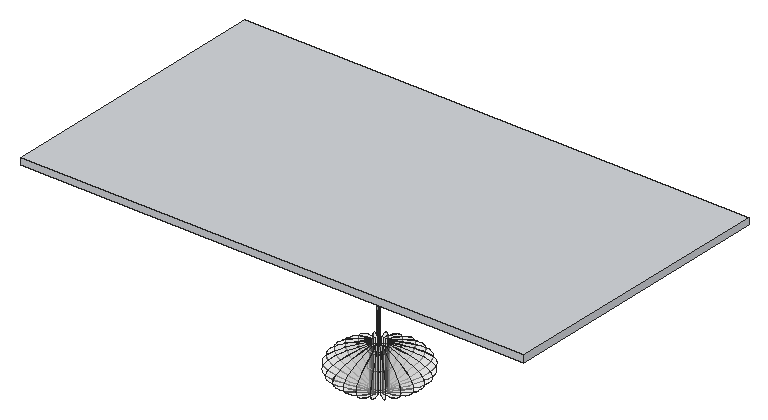
Revit family "Contour - Roundover Large", category Lighting Fixtures, host Face, Revit 2014 (continued)
Automatic sketch dimensions
  Extrusion 45 sketch curve to Extrusion 45 sketch curve = 2.50827"
  Extrusion 45 sketch curve to Extrusion 45 sketch curve = 2.89456"
  Extrusion 45 sketch curve to Extrusion 45 sketch curve = 1.14633"
  Extrusion 45 sketch curve to Extrusion 45 sketch curve = 1.74919"
  Extrusion 45 sketch curve to Extrusion 45 sketch curve = 1.33646"
  Extrusion 45 sketch curve to Extrusion 45 sketch curve = 0.4308"
  Extrusion 46 sketch curve to Extrusion 46 sketch curve = 2.89947"
  Extrusion 46 sketch curve to Extrusion 46 sketch curve = 1.7032"
  Extrusion 46 sketch curve to Extrusion 46 sketch curve = 3.66121"
  Extrusion 46 sketch curve to Extrusion 46 sketch curve = 1.73894"
  Extrusion 46 sketch curve to Extrusion 46 sketch curve = 0.09832"
  Extrusion 46 sketch curve to Extrusion 46 sketch curve = 0.04419"
  Extrusion 46 sketch curve to Extrusion 46 sketch curve = 2.84986"
  Extrusion 46 sketch curve to Extrusion 46 sketch curve = 4.74377"
  Extrusion 46 sketch curve to Extrusion 46 sketch curve = 5.72206"
  Extrusion 46 sketch curve to Extrusion 46 sketch curve = 0.37591"
  Extrusion 46 sketch curve to Extrusion 46 sketch curve = 2.89832"
  Extrusion 46 sketch curve to Extrusion 46 sketch curve = 0.03351"
  Extrusion 46 sketch curve to Extrusion 46 sketch curve = 0"  (x3)
  Extrusion 46 sketch curve to Extrusion 46 sketch curve = 1.62885"
  Extrusion 46 sketch curve to Extrusion 46 sketch curve = 0.13018"
  Extrusion 46 sketch curve to Extrusion 46 sketch curve = 33.74897"
  Extrusion 46 sketch curve to Extrusion 46 sketch curve = 28.16056"
  Extrusion 46 sketch curve to Extrusion 46 sketch curve = 19.42276"
  Extrusion 46 sketch curve to Extrusion 46 sketch curve = 0.8479"
  Extrusion 46 sketch curve to Extrusion 46 sketch curve = 5.69298"
  Extrusion 46 sketch curve to Extrusion 46 sketch curve = 2.38913"
  Extrusion 46 sketch curve to Extrusion 46 sketch curve = 2.11823"
  Extrusion 46 sketch curve to Extrusion 46 sketch curve = 6.31541"
  Extrusion 46 sketch curve to Extrusion 46 sketch curve = 0.12297"
  Extrusion 46 sketch curve to Extrusion 46 sketch curve = 0.40769"
  Extrusion 46 sketch curve to Extrusion 46 sketch curve = 20.38137"
  Extrusion 46 sketch curve to Extrusion 46 sketch curve = 28.25658"
  Extrusion 46 sketch curve to Extrusion 46 sketch curve = 0.58887"
  Extrusion 46 sketch curve to Extrusion 46 sketch curve = 7.6448"
  Extrusion 46 sketch curve to Extrusion 46 sketch curve = 10.94672"
  Extrusion 46 sketch curve to Extrusion 46 sketch curve = 5.98697"
  Extrusion 46 sketch curve to Extrusion 46 sketch curve = 3.89256"
  Extrusion 46 sketch curve to Extrusion 46 sketch curve = 1.035"
  Extrusion 46 sketch curve to Extrusion 46 sketch curve = 2.50827"
  Extrusion 46 sketch curve to Extrusion 46 sketch curve = 2.89456"
  Extrusion 46 sketch curve to Extrusion 46 sketch curve = 1.14633"
  Extrusion 46 sketch curve to Extrusion 46 sketch curve = 1.74919"
  Extrusion 46 sketch curve to Extrusion 46 sketch curve = 1.33646"
  Extrusion 46 sketch curve to Extrusion 46 sketch curve = 0.4308"
  Extrusion 47 sketch curve to Extrusion 47 sketch curve = 2.89947"
  Extrusion 47 sketch curve to Extrusion 47 sketch curve = 1.7032"
  Extrusion 47 sketch curve to Extrusion 47 sketch curve = 3.66121"
  Extrusion 47 sketch curve to Extrusion 47 sketch curve = 1.73894"
  Extrusion 47 sketch curve to Extrusion 47 sketch curve = 0.09832"
  Extrusion 47 sketch curve to Extrusion 47 sketch curve = 0.04419"
  Extrusion 47 sketch curve to Extrusion 47 sketch curve = 2.84986"
  Extrusion 47 sketch curve to Extrusion 47 sketch curve = 4.74377"
  Extrusion 47 sketch curve to Extrusion 47 sketch curve = 5.72206"
  Extrusion 47 sketch curve to Extrusion 47 sketch curve = 0.37591"
  Extrusion 47 sketch curve to Extrusion 47 sketch curve = 2.89832"
  Extrusion 47 sketch curve to Extrusion 47 sketch curve = 0.03351"
  Extrusion 47 sketch curve to Extrusion 47 sketch curve = 0"  (x3)
  Extrusion 47 sketch curve to Extrusion 47 sketch curve = 1.62885"
  Extrusion 47 sketch curve to Extrusion 47 sketch curve = 0.13018"
  Extrusion 47 sketch curve to Extrusion 47 sketch curve = 33.74897"
  Extrusion 47 sketch curve to Extrusion 47 sketch curve = 28.16056"
  Extrusion 47 sketch curve to Extrusion 47 sketch curve = 19.42276"
  Extrusion 47 sketch curve to Extrusion 47 sketch curve = 0.8479"
  Extrusion 47 sketch curve to Extrusion 47 sketch curve = 5.69298"
  Extrusion 47 sketch curve to Extrusion 47 sketch curve = 2.38913"
  Extrusion 47 sketch curve to Extrusion 47 sketch curve = 2.11823"
  Extrusion 47 sketch curve to Extrusion 47 sketch curve = 6.31541"
  Extrusion 47 sketch curve to Extrusion 47 sketch curve = 0.12297"
  Extrusion 47 sketch curve to Extrusion 47 sketch curve = 0.40769"
  Extrusion 47 sketch curve to Extrusion 47 sketch curve = 20.38137"
  Extrusion 47 sketch curve to Extrusion 47 sketch curve = 28.25658"
  Extrusion 47 sketch curve to Extrusion 47 sketch curve = 0.58887"
  Extrusion 47 sketch curve to Extrusion 47 sketch curve = 7.6448"
  Extrusion 47 sketch curve to Extrusion 47 sketch curve = 10.94672"
  Extrusion 47 sketch curve to Extrusion 47 sketch curve = 5.98697"
  Extrusion 47 sketch curve to Extrusion 47 sketch curve = 3.89256"
  Extrusion 47 sketch curve to Extrusion 47 sketch curve = 1.035"
  Extrusion 47 sketch curve to Extrusion 47 sketch curve = 2.50827"
  Extrusion 47 sketch curve to Extrusion 47 sketch curve = 2.89456"
  Extrusion 47 sketch curve to Extrusion 47 sketch curve = 1.14633"
  Extrusion 47 sketch curve to Extrusion 47 sketch curve = 1.74919"
  Extrusion 47 sketch curve to Extrusion 47 sketch curve = 1.33646"
  Extrusion 47 sketch curve to Extrusion 47 sketch curve = 0.4308"
  Extrusion 48 sketch curve to Extrusion 48 sketch curve = 2.89947"
  Extrusion 48 sketch curve to Extrusion 48 sketch curve = 1.7032"
  Extrusion 48 sketch curve to Extrusion 48 sketch curve = 3.66121"
  Extrusion 48 sketch curve to Extrusion 48 sketch curve = 1.73894"
  Extrusion 48 sketch curve to Extrusion 48 sketch curve = 0.09832"
  Extrusion 48 sketch curve to Extrusion 48 sketch curve = 0.04419"
  Extrusion 48 sketch curve to Extrusion 48 sketch curve = 2.84986"
  Extrusion 48 sketch curve to Extrusion 48 sketch curve = 4.74377"
  Extrusion 48 sketch curve to Extrusion 48 sketch curve = 5.72206"
  Extrusion 48 sketch curve to Extrusion 48 sketch curve = 0.37591"
  Extrusion 48 sketch curve to Extrusion 48 sketch curve = 2.89832"
  Extrusion 48 sketch curve to Extrusion 48 sketch curve = 0.03351"
  Extrusion 48 sketch curve to Extrusion 48 sketch curve = 0"  (x3)
  Extrusion 48 sketch curve to Extrusion 48 sketch curve = 1.62885"
  Extrusion 48 sketch curve to Extrusion 48 sketch curve = 0.13018"
  Extrusion 48 sketch curve to Extrusion 48 sketch curve = 33.74897"
  Extrusion 48 sketch curve to Extrusion 48 sketch curve = 28.16056"
  Extrusion 48 sketch curve to Extrusion 48 sketch curve = 19.42276"
  Extrusion 48 sketch curve to Extrusion 48 sketch curve = 0.8479"
  Extrusion 48 sketch curve to Extrusion 48 sketch curve = 5.69298"
  Extrusion 48 sketch curve to Extrusion 48 sketch curve = 2.38913"
  Extrusion 48 sketch curve to Extrusion 48 sketch curve = 2.11823"
  Extrusion 48 sketch curve to Extrusion 48 sketch curve = 6.31541"
  Extrusion 48 sketch curve to Extrusion 48 sketch curve = 0.12297"
  Extrusion 48 sketch curve to Extrusion 48 sketch curve = 0.40769"
  Extrusion 48 sketch curve to Extrusion 48 sketch curve = 20.38137"
  Extrusion 48 sketch curve to Extrusion 48 sketch curve = 28.25658"
  Extrusion 48 sketch curve to Extrusion 48 sketch curve = 0.58887"
  Extrusion 48 sketch curve to Extrusion 48 sketch curve = 7.6448"
  Extrusion 48 sketch curve to Extrusion 48 sketch curve = 10.94672"
  Extrusion 48 sketch curve to Extrusion 48 sketch curve = 5.98697"
  Extrusion 48 sketch curve to Extrusion 48 sketch curve = 3.89256"
  Extrusion 48 sketch curve to Extrusion 48 sketch curve = 1.035"
  Extrusion 48 sketch curve to Extrusion 48 sketch curve = 2.50827"
  Extrusion 48 sketch curve to Extrusion 48 sketch curve = 2.89456"
  Extrusion 48 sketch curve to Extrusion 48 sketch curve = 1.14633"
  Extrusion 48 sketch curve to Extrusion 48 sketch curve = 1.74919"
  Extrusion 48 sketch curve to Extrusion 48 sketch curve = 1.33646"
  Extrusion 48 sketch curve to Extrusion 48 sketch curve = 0.4308"
  Extrusion 49 sketch curve to Extrusion 49 sketch curve = 2.89947"
  Extrusion 49 sketch curve to Extrusion 49 sketch curve = 1.7032"
  Extrusion 49 sketch curve to Extrusion 49 sketch curve = 3.66121"
  Extrusion 49 sketch curve to Extrusion 49 sketch curve = 1.73894"
  Extrusion 49 sketch curve to Extrusion 49 sketch curve = 0.09832"
  Extrusion 49 sketch curve to Extrusion 49 sketch curve = 0.04419"
  Extrusion 49 sketch curve to Extrusion 49 sketch curve = 2.84986"
  Extrusion 49 sketch curve to Extrusion 49 sketch curve = 4.74377"
  Extrusion 49 sketch curve to Extrusion 49 sketch curve = 5.72206"
  Extrusion 49 sketch curve to Extrusion 49 sketch curve = 0.37591"
  Extrusion 49 sketch curve to Extrusion 49 sketch curve = 2.89832"
  Extrusion 49 sketch curve to Extrusion 49 sketch curve = 0.03351"
  Extrusion 49 sketch curve to Extrusion 49 sketch curve = 0"  (x3)
  Extrusion 49 sketch curve to Extrusion 49 sketch curve = 1.62885"
  Extrusion 49 sketch curve to Extrusion 49 sketch curve = 0.13018"
  Extrusion 49 sketch curve to Extrusion 49 sketch curve = 33.74897"
  Extrusion 49 sketch curve to Extrusion 49 sketch curve = 28.16056"
  Extrusion 49 sketch curve to Extrusion 49 sketch curve = 19.42276"
  Extrusion 49 sketch curve to Extrusion 49 sketch curve = 0.8479"
  Extrusion 49 sketch curve to Extrusion 49 sketch curve = 5.69298"
  Extrusion 49 sketch curve to Extrusion 49 sketch curve = 2.38913"
  Extrusion 49 sketch curve to Extrusion 49 sketch curve = 2.11823"
  Extrusion 49 sketch curve to Extrusion 49 sketch curve = 6.31541"
  Extrusion 49 sketch curve to Extrusion 49 sketch curve = 0.12297"
  Extrusion 49 sketch curve to Extrusion 49 sketch curve = 0.40769"
  Extrusion 49 sketch curve to Extrusion 49 sketch curve = 20.38137"
  Extrusion 49 sketch curve to Extrusion 49 sketch curve = 28.25658"
  Extrusion 49 sketch curve to Extrusion 49 sketch curve = 0.58887"
  Extrusion 49 sketch curve to Extrusion 49 sketch curve = 7.6448"
  Extrusion 49 sketch curve to Extrusion 49 sketch curve = 10.94672"
  Extrusion 49 sketch curve to Extrusion 49 sketch curve = 5.98697"
  Extrusion 49 sketch curve to Extrusion 49 sketch curve = 3.89256"
  Extrusion 49 sketch curve to Extrusion 49 sketch curve = 1.035"
  Extrusion 49 sketch curve to Extrusion 49 sketch curve = 2.50827"
  Extrusion 49 sketch curve to Extrusion 49 sketch curve = 2.89456"
  Extrusion 49 sketch curve to Extrusion 49 sketch curve = 1.14633"
  Extrusion 49 sketch curve to Extrusion 49 sketch curve = 1.74919"
  Extrusion 49 sketch curve to Extrusion 49 sketch curve = 1.33646"
  Extrusion 49 sketch curve to Extrusion 49 sketch curve = 0.4308"
  Extrusion 50 sketch curve to Extrusion 50 sketch curve = 2.89947"
  Extrusion 50 sketch curve to Extrusion 50 sketch curve = 1.7032"
  Extrusion 50 sketch curve to Extrusion 50 sketch curve = 3.66121"
  Extrusion 50 sketch curve to Extrusion 50 sketch curve = 1.73894"
  Extrusion 50 sketch curve to Extrusion 50 sketch curve = 0.09832"
  Extrusion 50 sketch curve to Extrusion 50 sketch curve = 0.04419"
  Extrusion 50 sketch curve to Extrusion 50 sketch curve = 2.84986"
  Extrusion 50 sketch curve to Extrusion 50 sketch curve = 4.74377"
  Extrusion 50 sketch curve to Extrusion 50 sketch curve = 5.72206"
  Extrusion 50 sketch curve to Extrusion 50 sketch curve = 0.37591"
  Extrusion 50 sketch curve to Extrusion 50 sketch curve = 2.89832"
  Extrusion 50 sketch curve to Extrusion 50 sketch curve = 0.03351"
  Extrusion 50 sketch curve to Extrusion 50 sketch curve = 0"  (x3)
  Extrusion 50 sketch curve to Extrusion 50 sketch curve = 1.62885"
  Extrusion 50 sketch curve to Extrusion 50 sketch curve = 0.13018"
  Extrusion 50 sketch curve to Extrusion 50 sketch curve = 33.74897"
  Extrusion 50 sketch curve to Extrusion 50 sketch curve = 28.16056"
  Extrusion 50 sketch curve to Extrusion 50 sketch curve = 19.42276"
  Extrusion 50 sketch curve to Extrusion 50 sketch curve = 0.8479"
  Extrusion 50 sketch curve to Extrusion 50 sketch curve = 5.69298"
  Extrusion 50 sketch curve to Extrusion 50 sketch curve = 2.38913"
  Extrusion 50 sketch curve to Extrusion 50 sketch curve = 2.11823"
  Extrusion 50 sketch curve to Extrusion 50 sketch curve = 6.31541"
  Extrusion 50 sketch curve to Extrusion 50 sketch curve = 0.12297"
  Extrusion 50 sketch curve to Extrusion 50 sketch curve = 0.40769"
  Extrusion 50 sketch curve to Extrusion 50 sketch curve = 20.38137"
  Extrusion 50 sketch curve to Extrusion 50 sketch curve = 28.25658"
  Extrusion 50 sketch curve to Extrusion 50 sketch curve = 0.58887"
  Extrusion 50 sketch curve to Extrusion 50 sketch curve = 7.6448"
  Extrusion 50 sketch curve to Extrusion 50 sketch curve = 10.94672"
  Extrusion 50 sketch curve to Extrusion 50 sketch curve = 5.98697"
  Extrusion 50 sketch curve to Extrusion 50 sketch curve = 3.89256"
  Extrusion 50 sketch curve to Extrusion 50 sketch curve = 1.035"
  Extrusion 50 sketch curve to Extrusion 50 sketch curve = 2.50827"
  Extrusion 50 sketch curve to Extrusion 50 sketch curve = 2.89456"
  Extrusion 50 sketch curve to Extrusion 50 sketch curve = 1.14633"
  Extrusion 50 sketch curve to Extrusion 50 sketch curve = 1.74919"
  Extrusion 50 sketch curve to Extrusion 50 sketch curve = 1.33646"
  Extrusion 50 sketch curve to Extrusion 50 sketch curve = 0.4308"
  Extrusion 51 sketch curve to Extrusion 51 sketch curve = 2.89947"
  Extrusion 51 sketch curve to Extrusion 51 sketch curve = 1.7032"
  Extrusion 51 sketch curve to Extrusion 51 sketch curve = 3.66121"
  Extrusion 51 sketch curve to Extrusion 51 sketch curve = 1.73894"
  Extrusion 51 sketch curve to Extrusion 51 sketch curve = 0.09832"
  Extrusion 51 sketch curve to Extrusion 51 sketch curve = 0.04419"
  Extrusion 51 sketch curve to Extrusion 51 sketch curve = 2.84986"
  Extrusion 51 sketch curve to Extrusion 51 sketch curve = 4.74377"
  Extrusion 51 sketch curve to Extrusion 51 sketch curve = 5.72206"
  Extrusion 51 sketch curve to Extrusion 51 sketch curve = 0.37591"
  Extrusion 51 sketch curve to Extrusion 51 sketch curve = 2.89832"
  Extrusion 51 sketch curve to Extrusion 51 sketch curve = 0.03351"
  Extrusion 51 sketch curve to Extrusion 51 sketch curve = 0"  (x3)
  Extrusion 51 sketch curve to Extrusion 51 sketch curve = 1.62885"
  Extrusion 51 sketch curve to Extrusion 51 sketch curve = 0.13018"
  Extrusion 51 sketch curve to Extrusion 51 sketch curve = 33.74897"
  Extrusion 51 sketch curve to Extrusion 51 sketch curve = 28.16056"
  Extrusion 51 sketch curve to Extrusion 51 sketch curve = 19.42276"
  Extrusion 51 sketch curve to Extrusion 51 sketch curve = 0.8479"
  Extrusion 51 sketch curve to Extrusion 51 sketch curve = 5.69298"
  Extrusion 51 sketch curve to Extrusion 51 sketch curve = 2.38913"
  Extrusion 51 sketch curve to Extrusion 51 sketch curve = 2.11823"
  Extrusion 51 sketch curve to Extrusion 51 sketch curve = 6.31541"
  Extrusion 51 sketch curve to Extrusion 51 sketch curve = 0.12297"
  Extrusion 51 sketch curve to Extrusion 51 sketch curve = 0.40769"
  Extrusion 51 sketch curve to Extrusion 51 sketch curve = 20.38137"
  Extrusion 51 sketch curve to Extrusion 51 sketch curve = 28.25658"
  Extrusion 51 sketch curve to Extrusion 51 sketch curve = 0.58887"
  Extrusion 51 sketch curve to Extrusion 51 sketch curve = 7.6448"
  Extrusion 51 sketch curve to Extrusion 51 sketch curve = 10.94672"
  Extrusion 51 sketch curve to Extrusion 51 sketch curve = 5.98697"
  Extrusion 51 sketch curve to Extrusion 51 sketch curve = 3.89256"
  Extrusion 51 sketch curve to Extrusion 51 sketch curve = 1.035"
  Extrusion 51 sketch curve to Extrusion 51 sketch curve = 2.50827"
  Extrusion 51 sketch curve to Extrusion 51 sketch curve = 2.89456"
  Extrusion 51 sketch curve to Extrusion 51 sketch curve = 1.14633"
  Extrusion 51 sketch curve to Extrusion 51 sketch curve = 1.74919"
  Extrusion 51 sketch curve to Extrusion 51 sketch curve = 1.33646"
  Extrusion 51 sketch curve to Extrusion 51 sketch curve = 0.4308"
  Extrusion 52 sketch curve to Extrusion 52 sketch curve = 2.89947"
  Extrusion 52 sketch curve to Extrusion 52 sketch curve = 1.7032"
  Extrusion 52 sketch curve to Extrusion 52 sketch curve = 3.66121"
  Extrusion 52 sketch curve to Extrusion 52 sketch curve = 1.73894"
  Extrusion 52 sketch curve to Extrusion 52 sketch curve = 0.09832"
  Extrusion 52 sketch curve to Extrusion 52 sketch curve = 0.04419"
  Extrusion 52 sketch curve to Extrusion 52 sketch curve = 2.84986"
  Extrusion 52 sketch curve to Extrusion 52 sketch curve = 4.74377"
  Extrusion 52 sketch curve to Extrusion 52 sketch curve = 5.72206"
  Extrusion 52 sketch curve to Extrusion 52 sketch curve = 0.37591"
  Extrusion 52 sketch curve to Extrusion 52 sketch curve = 2.89832"
  Extrusion 52 sketch curve to Extrusion 52 sketch curve = 0.03351"
  Extrusion 52 sketch curve to Extrusion 52 sketch curve = 0"  (x3)
  Extrusion 52 sketch curve to Extrusion 52 sketch curve = 1.62885"
  Extrusion 52 sketch curve to Extrusion 52 sketch curve = 0.13018"
  Extrusion 52 sketch curve to Extrusion 52 sketch curve = 33.74897"
  Extrusion 52 sketch curve to Extrusion 52 sketch curve = 28.16056"
  Extrusion 52 sketch curve to Extrusion 52 sketch curve = 19.42276"
  Extrusion 52 sketch curve to Extrusion 52 sketch curve = 0.8479"
  Extrusion 52 sketch curve to Extrusion 52 sketch curve = 5.69298"
  Extrusion 52 sketch curve to Extrusion 52 sketch curve = 2.38913"
  Extrusion 52 sketch curve to Extrusion 52 sketch curve = 2.11823"
  Extrusion 52 sketch curve to Extrusion 52 sketch curve = 6.31541"
  Extrusion 52 sketch curve to Extrusion 52 sketch curve = 0.12297"
  Extrusion 52 sketch curve to Extrusion 52 sketch curve = 0.40769"
  Extrusion 52 sketch curve to Extrusion 52 sketch curve = 20.38137"
  Extrusion 52 sketch curve to Extrusion 52 sketch curve = 28.25658"
  Extrusion 52 sketch curve to Extrusion 52 sketch curve = 0.58887"
  Extrusion 52 sketch curve to Extrusion 52 sketch curve = 7.6448"
  Extrusion 52 sketch curve to Extrusion 52 sketch curve = 10.94672"
  Extrusion 52 sketch curve to Extrusion 52 sketch curve = 5.98697"
  Extrusion 52 sketch curve to Extrusion 52 sketch curve = 3.89256"
  Extrusion 52 sketch curve to Extrusion 52 sketch curve = 1.035"
  Extrusion 52 sketch curve to Extrusion 52 sketch curve = 2.50827"
  Extrusion 52 sketch curve to Extrusion 52 sketch curve = 2.89456"
  Extrusion 52 sketch curve to Extrusion 52 sketch curve = 1.14633"
  Extrusion 52 sketch curve to Extrusion 52 sketch curve = 1.74919"
  Extrusion 52 sketch curve to Extrusion 52 sketch curve = 1.33646"
  Extrusion 52 sketch curve to Extrusion 52 sketch curve = 0.4308"
  Extrusion 53 sketch curve to Extrusion 53 sketch curve = 2.89947"
  Extrusion 53 sketch curve to Extrusion 53 sketch curve = 1.7032"
  Extrusion 53 sketch curve to Extrusion 53 sketch curve = 3.66121"
  Extrusion 53 sketch curve to Extrusion 53 sketch curve = 1.73894"
  Extrusion 53 sketch curve to Extrusion 53 sketch curve = 0.09832"
  Extrusion 53 sketch curve to Extrusion 53 sketch curve = 0.04419"
  Extrusion 53 sketch curve to Extrusion 53 sketch curve = 2.84986"
  Extrusion 53 sketch curve to Extrusion 53 sketch curve = 4.74377"
  Extrusion 53 sketch curve to Extrusion 53 sketch curve = 5.72206"
  Extrusion 53 sketch curve to Extrusion 53 sketch curve = 0.37591"
  Extrusion 53 sketch curve to Extrusion 53 sketch curve = 2.89832"
  Extrusion 53 sketch curve to Extrusion 53 sketch curve = 0.03351"
  Extrusion 53 sketch curve to Extrusion 53 sketch curve = 0"  (x3)
  Extrusion 53 sketch curve to Extrusion 53 sketch curve = 1.62885"
  Extrusion 53 sketch curve to Extrusion 53 sketch curve = 0.13018"
  Extrusion 53 sketch curve to Extrusion 53 sketch curve = 33.74897"
  Extrusion 53 sketch curve to Extrusion 53 sketch curve = 28.16056"
  Extrusion 53 sketch curve to Extrusion 53 sketch curve = 19.42276"
  Extrusion 53 sketch curve to Extrusion 53 sketch curve = 0.8479"
  Extrusion 53 sketch curve to Extrusion 53 sketch curve = 5.69298"
  Extrusion 53 sketch curve to Extrusion 53 sketch curve = 2.38913"
  Extrusion 53 sketch curve to Extrusion 53 sketch curve = 2.11823"
  Extrusion 53 sketch curve to Extrusion 53 sketch curve = 6.31541"
  Extrusion 53 sketch curve to Extrusion 53 sketch curve = 0.12297"
  Extrusion 53 sketch curve to Extrusion 53 sketch curve = 0.40769"
  Extrusion 53 sketch curve to Extrusion 53 sketch curve = 20.38137"
  Extrusion 53 sketch curve to Extrusion 53 sketch curve = 28.25658"
  Extrusion 53 sketch curve to Extrusion 53 sketch curve = 0.58887"
  Extrusion 53 sketch curve to Extrusion 53 sketch curve = 7.6448"
  Extrusion 53 sketch curve to Extrusion 53 sketch curve = 10.94672"
  Extrusion 53 sketch curve to Extrusion 53 sketch curve = 5.98697"
  Extrusion 53 sketch curve to Extrusion 53 sketch curve = 3.89256"
  Extrusion 53 sketch curve to Extrusion 53 sketch curve = 1.035"
  Extrusion 53 sketch curve to Extrusion 53 sketch curve = 2.50827"
  Extrusion 53 sketch curve to Extrusion 53 sketch curve = 2.89456"
  Extrusion 53 sketch curve to Extrusion 53 sketch curve = 1.14633"
  Extrusion 53 sketch curve to Extrusion 53 sketch curve = 1.74919"
  Extrusion 53 sketch curve to Extrusion 53 sketch curve = 1.33646"
  Extrusion 53 sketch curve to Extrusion 53 sketch curve = 0.4308"
  Extrusion 54 sketch curve to Extrusion 54 sketch curve = 2.89947"
  Extrusion 54 sketch curve to Extrusion 54 sketch curve = 1.7032"
  Extrusion 54 sketch curve to Extrusion 54 sketch curve = 3.66121"
  Extrusion 54 sketch curve to Extrusion 54 sketch curve = 1.73894"
  Extrusion 54 sketch curve to Extrusion 54 sketch curve = 0.09832"
  Extrusion 54 sketch curve to Extrusion 54 sketch curve = 0.04419"
  Extrusion 54 sketch curve to Extrusion 54 sketch curve = 2.84986"
  Extrusion 54 sketch curve to Extrusion 54 sketch curve = 4.74377"
  Extrusion 54 sketch curve to Extrusion 54 sketch curve = 5.72206"
  Extrusion 54 sketch curve to Extrusion 54 sketch curve = 0.37591"
  Extrusion 54 sketch curve to Extrusion 54 sketch curve = 2.89832"
  Extrusion 54 sketch curve to Extrusion 54 sketch curve = 0.03351"
  Extrusion 54 sketch curve to Extrusion 54 sketch curve = 0"  (x3)
  Extrusion 54 sketch curve to Extrusion 54 sketch curve = 1.62885"
  Extrusion 54 sketch curve to Extrusion 54 sketch curve = 0.13018"
  Extrusion 54 sketch curve to Extrusion 54 sketch curve = 33.74897"
  Extrusion 54 sketch curve to Extrusion 54 sketch curve = 28.16056"
  Extrusion 54 sketch curve to Extrusion 54 sketch curve = 19.42276"
  Extrusion 54 sketch curve to Extrusion 54 sketch curve = 0.8479"
  Extrusion 54 sketch curve to Extrusion 54 sketch curve = 5.69298"
  Extrusion 54 sketch curve to Extrusion 54 sketch curve = 2.38913"
  Extrusion 54 sketch curve to Extrusion 54 sketch curve = 2.11823"
  Extrusion 54 sketch curve to Extrusion 54 sketch curve = 6.31541"
  Extrusion 54 sketch curve to Extrusion 54 sketch curve = 0.12297"
  Extrusion 54 sketch curve to Extrusion 54 sketch curve = 0.40769"
  Extrusion 54 sketch curve to Extrusion 54 sketch curve = 20.38137"
  Extrusion 54 sketch curve to Extrusion 54 sketch curve = 28.25658"
  Extrusion 54 sketch curve to Extrusion 54 sketch curve = 0.58887"
  Extrusion 54 sketch curve to Extrusion 54 sketch curve = 7.6448"
  Extrusion 54 sketch curve to Extrusion 54 sketch curve = 10.94672"
  Extrusion 54 sketch curve to Extrusion 54 sketch curve = 5.98697"
  Extrusion 54 sketch curve to Extrusion 54 sketch curve = 3.89256"
  Extrusion 54 sketch curve to Extrusion 54 sketch curve = 1.035"
  Extrusion 54 sketch curve to Extrusion 54 sketch curve = 2.50827"
  Extrusion 54 sketch curve to Extrusion 54 sketch curve = 2.89456"
  Extrusion 54 sketch curve to Extrusion 54 sketch curve = 1.14633"
  Extrusion 54 sketch curve to Extrusion 54 sketch curve = 1.74919"
  Extrusion 54 sketch curve to Extrusion 54 sketch curve = 1.33646"
  Extrusion 54 sketch curve to Extrusion 54 sketch curve = 0.4308"
  Extrusion 55 sketch curve to Extrusion 55 sketch curve = 2.89947"
  Extrusion 55 sketch curve to Extrusion 55 sketch curve = 1.7032"
  Extrusion 55 sketch curve to Extrusion 55 sketch curve = 3.66121"
  Extrusion 55 sketch curve to Extrusion 55 sketch curve = 1.73894"
  Extrusion 55 sketch curve to Extrusion 55 sketch curve = 0.09832"
  Extrusion 55 sketch curve to Extrusion 55 sketch curve = 0.04419"
  Extrusion 55 sketch curve to Extrusion 55 sketch curve = 2.84986"
  Extrusion 55 sketch curve to Extrusion 55 sketch curve = 4.74377"
  Extrusion 55 sketch curve to Extrusion 55 sketch curve = 5.72206"
  Extrusion 55 sketch curve to Extrusion 55 sketch curve = 0.37591"
  Extrusion 55 sketch curve to Extrusion 55 sketch curve = 2.89832"
  Extrusion 55 sketch curve to Extrusion 55 sketch curve = 0.03351"
  Extrusion 55 sketch curve to Extrusion 55 sketch curve = 0"  (x3)
  Extrusion 55 sketch curve to Extrusion 55 sketch curve = 1.62885"
  Extrusion 55 sketch curve to Extrusion 55 sketch curve = 0.13018"
  Extrusion 55 sketch curve to Extrusion 55 sketch curve = 33.74897"
  Extrusion 55 sketch curve to Extrusion 55 sketch curve = 28.16056"
  Extrusion 55 sketch curve to Extrusion 55 sketch curve = 19.42276"
  Extrusion 55 sketch curve to Extrusion 55 sketch curve = 0.8479"
  Extrusion 55 sketch curve to Extrusion 55 sketch curve = 5.69298"
  Extrusion 55 sketch curve to Extrusion 55 sketch curve = 2.38913"
  Extrusion 55 sketch curve to Extrusion 55 sketch curve = 2.11823"
  Extrusion 55 sketch curve to Extrusion 55 sketch curve = 6.31541"
  Extrusion 55 sketch curve to Extrusion 55 sketch curve = 0.12297"
  Extrusion 55 sketch curve to Extrusion 55 sketch curve = 0.40769"
  Extrusion 55 sketch curve to Extrusion 55 sketch curve = 20.38137"
  Extrusion 55 sketch curve to Extrusion 55 sketch curve = 28.25658"
  Extrusion 55 sketch curve to Extrusion 55 sketch curve = 0.58887"
  Extrusion 55 sketch curve to Extrusion 55 sketch curve = 7.6448"
  Extrusion 55 sketch curve to Extrusion 55 sketch curve = 10.94672"
  Extrusion 55 sketch curve to Extrusion 55 sketch curve = 5.98697"
  Extrusion 55 sketch curve to Extrusion 55 sketch curve = 3.89256"
  Extrusion 55 sketch curve to Extrusion 55 sketch curve = 1.035"
  Extrusion 55 sketch curve to Extrusion 55 sketch curve = 2.50827"
  Extrusion 55 sketch curve to Extrusion 55 sketch curve = 2.89456"
  Extrusion 55 sketch curve to Extrusion 55 sketch curve = 1.14633"
  Extrusion 55 sketch curve to Extrusion 55 sketch curve = 1.74919"
  Extrusion 55 sketch curve to Extrusion 55 sketch curve = 1.33646"
  Extrusion 55 sketch curve to Extrusion 55 sketch curve = 0.4308"
  Extrusion 56 sketch curve to Extrusion 56 sketch curve = 2.89947"
  Extrusion 56 sketch curve to Extrusion 56 sketch curve = 1.7032"
  Extrusion 56 sketch curve to Extrusion 56 sketch curve = 3.66121"
  Extrusion 56 sketch curve to Extrusion 56 sketch curve = 1.73894"
  Extrusion 56 sketch curve to Extrusion 56 sketch curve = 0.09832"
  Extrusion 56 sketch curve to Extrusion 56 sketch curve = 0.04419"
  Extrusion 56 sketch curve to Extrusion 56 sketch curve = 2.84986"
  Extrusion 56 sketch curve to Extrusion 56 sketch curve = 4.74377"
  Extrusion 56 sketch curve to Extrusion 56 sketch curve = 5.72206"
  Extrusion 56 sketch curve to Extrusion 56 sketch curve = 0.37591"
  Extrusion 56 sketch curve to Extrusion 56 sketch curve = 2.89832"
  Extrusion 56 sketch curve to Extrusion 56 sketch curve = 0.03351"
  Extrusion 56 sketch curve to Extrusion 56 sketch curve = 0"  (x3)
  Extrusion 56 sketch curve to Extrusion 56 sketch curve = 1.62885"
  Extrusion 56 sketch curve to Extrusion 56 sketch curve = 0.13018"
  Extrusion 56 sketch curve to Extrusion 56 sketch curve = 33.74897"
  Extrusion 56 sketch curve to Extrusion 56 sketch curve = 28.16056"
  Extrusion 56 sketch curve to Extrusion 56 sketch curve = 19.42276"
  Extrusion 56 sketch curve to Extrusion 56 sketch curve = 0.8479"
  Extrusion 56 sketch curve to Extrusion 56 sketch curve = 5.69298"
  Extrusion 56 sketch curve to Extrusion 56 sketch curve = 2.38913"
  Extrusion 56 sketch curve to Extrusion 56 sketch curve = 2.11823"
  Extrusion 56 sketch curve to Extrusion 56 sketch curve = 6.31541"
  Extrusion 56 sketch curve to Extrusion 56 sketch curve = 0.12297"
  Extrusion 56 sketch curve to Extrusion 56 sketch curve = 0.40769"
  Extrusion 56 sketch curve to Extrusion 56 sketch curve = 20.38137"
  Extrusion 56 sketch curve to Extrusion 56 sketch curve = 28.25658"
  Extrusion 56 sketch curve to Extrusion 56 sketch curve = 0.58887"
  Extrusion 56 sketch curve to Extrusion 56 sketch curve = 7.6448"
  Extrusion 56 sketch curve to Extrusion 56 sketch curve = 10.94672"
  Extrusion 56 sketch curve to Extrusion 56 sketch curve = 5.98697"
  Extrusion 56 sketch curve to Extrusion 56 sketch curve = 3.89256"
  Extrusion 56 sketch curve to Extrusion 56 sketch curve = 1.035"
  Extrusion 56 sketch curve to Extrusion 56 sketch curve = 2.50827"
  Extrusion 56 sketch curve to Extrusion 56 sketch curve = 2.89456"
  Extrusion 56 sketch curve to Extrusion 56 sketch curve = 1.14633"
  Extrusion 56 sketch curve to Extrusion 56 sketch curve = 1.74919"
  Extrusion 56 sketch curve to Extrusion 56 sketch curve = 1.33646"
  Extrusion 56 sketch curve to Extrusion 56 sketch curve = 0.4308"
  Extrusion 57 sketch curve to Extrusion 57 sketch curve = 2.89947"
  Extrusion 57 sketch curve to Extrusion 57 sketch curve = 1.7032"
  Extrusion 57 sketch curve to Extrusion 57 sketch curve = 3.66121"
  Extrusion 57 sketch curve to Extrusion 57 sketch curve = 1.73894"
  Extrusion 57 sketch curve to Extrusion 57 sketch curve = 0.09832"
  Extrusion 57 sketch curve to Extrusion 57 sketch curve = 0.04419"
  Extrusion 57 sketch curve to Extrusion 57 sketch curve = 2.84986"
  Extrusion 57 sketch curve to Extrusion 57 sketch curve = 4.74377"
  Extrusion 57 sketch curve to Extrusion 57 sketch curve = 5.72206"
  Extrusion 57 sketch curve to Extrusion 57 sketch curve = 0.37591"
  Extrusion 57 sketch curve to Extrusion 57 sketch curve = 2.89832"
  Extrusion 57 sketch curve to Extrusion 57 sketch curve = 0.03351"
  Extrusion 57 sketch curve to Extrusion 57 sketch curve = 0"  (x3)
  Extrusion 57 sketch curve to Extrusion 57 sketch curve = 1.62885"
  Extrusion 57 sketch curve to Extrusion 57 sketch curve = 0.13018"
  Extrusion 57 sketch curve to Extrusion 57 sketch curve = 33.74897"
  Extrusion 57 sketch curve to Extrusion 57 sketch curve = 28.16056"
  Extrusion 57 sketch curve to Extrusion 57 sketch curve = 19.42276"
  Extrusion 57 sketch curve to Extrusion 57 sketch curve = 0.8479"
  Extrusion 57 sketch curve to Extrusion 57 sketch curve = 5.69298"
  Extrusion 57 sketch curve to Extrusion 57 sketch curve = 2.38913"
  Extrusion 57 sketch curve to Extrusion 57 sketch curve = 2.11823"
  Extrusion 57 sketch curve to Extrusion 57 sketch curve = 6.31541"
  Extrusion 57 sketch curve to Extrusion 57 sketch curve = 0.12297"
  Extrusion 57 sketch curve to Extrusion 57 sketch curve = 0.40769"
  Extrusion 57 sketch curve to Extrusion 57 sketch curve = 20.38137"
  Extrusion 57 sketch curve to Extrusion 57 sketch curve = 28.25658"
  Extrusion 57 sketch curve to Extrusion 57 sketch curve = 0.58887"
  Extrusion 57 sketch curve to Extrusion 57 sketch curve = 7.6448"
  Extrusion 57 sketch curve to Extrusion 57 sketch curve = 10.94672"
  Extrusion 57 sketch curve to Extrusion 57 sketch curve = 5.98697"
  Extrusion 57 sketch curve to Extrusion 57 sketch curve = 3.89256"
  Extrusion 57 sketch curve to Extrusion 57 sketch curve = 1.035"
  Extrusion 57 sketch curve to Extrusion 57 sketch curve = 2.50827"
  Extrusion 57 sketch curve to Extrusion 57 sketch curve = 2.89456"
  Extrusion 57 sketch curve to Extrusion 57 sketch curve = 1.14633"
  Extrusion 57 sketch curve to Extrusion 57 sketch curve = 1.74919"
  Extrusion 57 sketch curve to Extrusion 57 sketch curve = 1.33646"
  Extrusion 57 sketch curve to Extrusion 57 sketch curve = 0.4308"
  Extrusion 58 sketch curve to Extrusion 58 sketch curve = 2.89947"
  Extrusion 58 sketch curve to Extrusion 58 sketch curve = 1.7032"
  Extrusion 58 sketch curve to Extrusion 58 sketch curve = 3.66121"
  Extrusion 58 sketch curve to Extrusion 58 sketch curve = 1.73894"
  Extrusion 58 sketch curve to Extrusion 58 sketch curve = 0.09832"
  Extrusion 58 sketch curve to Extrusion 58 sketch curve = 0.04419"
  Extrusion 58 sketch curve to Extrusion 58 sketch curve = 2.84986"
  Extrusion 58 sketch curve to Extrusion 58 sketch curve = 4.74377"
  Extrusion 58 sketch curve to Extrusion 58 sketch curve = 5.72206"
  Extrusion 58 sketch curve to Extrusion 58 sketch curve = 0.37591"
  Extrusion 58 sketch curve to Extrusion 58 sketch curve = 2.89832"
  Extrusion 58 sketch curve to Extrusion 58 sketch curve = 0.03351"
  Extrusion 58 sketch curve to Extrusion 58 sketch curve = 0"  (x3)
  Extrusion 58 sketch curve to Extrusion 58 sketch curve = 1.62885"
  Extrusion 58 sketch curve to Extrusion 58 sketch curve = 0.13018"
  Extrusion 58 sketch curve to Extrusion 58 sketch curve = 33.74897"
  Extrusion 58 sketch curve to Extrusion 58 sketch curve = 28.16056"
  Extrusion 58 sketch curve to Extrusion 58 sketch curve = 19.42276"
  Extrusion 58 sketch curve to Extrusion 58 sketch curve = 0.8479"
  Extrusion 58 sketch curve to Extrusion 58 sketch curve = 5.69298"
  Extrusion 58 sketch curve to Extrusion 58 sketch curve = 2.38913"
  Extrusion 58 sketch curve to Extrusion 58 sketch curve = 2.11823"
  Extrusion 58 sketch curve to Extrusion 58 sketch curve = 6.31541"
  Extrusion 58 sketch curve to Extrusion 58 sketch curve = 0.12297"
  Extrusion 58 sketch curve to Extrusion 58 sketch curve = 0.40769"
  Extrusion 58 sketch curve to Extrusion 58 sketch curve = 20.38137"
  Extrusion 58 sketch curve to Extrusion 58 sketch curve = 28.25658"
  Extrusion 58 sketch curve to Extrusion 58 sketch curve = 0.58887"
  Extrusion 58 sketch curve to Extrusion 58 sketch curve = 7.6448"
  Extrusion 58 sketch curve to Extrusion 58 sketch curve = 10.94672"
  Extrusion 58 sketch curve to Extrusion 58 sketch curve = 5.98697"
  Extrusion 58 sketch curve to Extrusion 58 sketch curve = 3.89256"
  Extrusion 58 sketch curve to Extrusion 58 sketch curve = 1.035"
  Extrusion 58 sketch curve to Extrusion 58 sketch curve = 2.50827"
  Extrusion 58 sketch curve to Extrusion 58 sketch curve = 2.89456"
  Extrusion 58 sketch curve to Extrusion 58 sketch curve = 1.14633"
  Extrusion 58 sketch curve to Extrusion 58 sketch curve = 1.74919"
  Extrusion 58 sketch curve to Extrusion 58 sketch curve = 1.33646"
  Extrusion 58 sketch curve to Extrusion 58 sketch curve = 0.4308"
  Extrusion 59 sketch curve to Extrusion 59 sketch curve = 2.89947"
  Extrusion 59 sketch curve to Extrusion 59 sketch curve = 1.7032"
  Extrusion 59 sketch curve to Extrusion 59 sketch curve = 3.66121"
  Extrusion 59 sketch curve to Extrusion 59 sketch curve = 1.73894"
  Extrusion 59 sketch curve to Extrusion 59 sketch curve = 0.09832"
  Extrusion 59 sketch curve to Extrusion 59 sketch curve = 0.04419"
  Extrusion 59 sketch curve to Extrusion 59 sketch curve = 2.84986"
  Extrusion 59 sketch curve to Extrusion 59 sketch curve = 4.74377"
  Extrusion 59 sketch curve to Extrusion 59 sketch curve = 5.72206"
  Extrusion 59 sketch curve to Extrusion 59 sketch curve = 0.37591"
  Extrusion 59 sketch curve to Extrusion 59 sketch curve = 2.89832"
  Extrusion 59 sketch curve to Extrusion 59 sketch curve = 0.03351"
  Extrusion 59 sketch curve to Extrusion 59 sketch curve = 0"  (x3)
  Extrusion 59 sketch curve to Extrusion 59 sketch curve = 1.62885"
  Extrusion 59 sketch curve to Extrusion 59 sketch curve = 0.13018"
  Extrusion 59 sketch curve to Extrusion 59 sketch curve = 33.74897"
  Extrusion 59 sketch curve to Extrusion 59 sketch curve = 28.16056"
  Extrusion 59 sketch curve to Extrusion 59 sketch curve = 19.42276"
  Extrusion 59 sketch curve to Extrusion 59 sketch curve = 0.8479"
  Extrusion 59 sketch curve to Extrusion 59 sketch curve = 5.69298"
  Extrusion 59 sketch curve to Extrusion 59 sketch curve = 2.38913"
  Extrusion 59 sketch curve to Extrusion 59 sketch curve = 2.11823"
  Extrusion 59 sketch curve to Extrusion 59 sketch curve = 6.31541"
  Extrusion 59 sketch curve to Extrusion 59 sketch curve = 0.12297"
  Extrusion 59 sketch curve to Extrusion 59 sketch curve = 0.40769"
  Extrusion 59 sketch curve to Extrusion 59 sketch curve = 20.38137"
  Extrusion 59 sketch curve to Extrusion 59 sketch curve = 28.25658"
  Extrusion 59 sketch curve to Extrusion 59 sketch curve = 0.58887"
  Extrusion 59 sketch curve to Extrusion 59 sketch curve = 7.6448"
  Extrusion 59 sketch curve to Extrusion 59 sketch curve = 10.94672"
  Extrusion 59 sketch curve to Extrusion 59 sketch curve = 5.98697"
  Extrusion 59 sketch curve to Extrusion 59 sketch curve = 3.89256"
  Extrusion 59 sketch curve to Extrusion 59 sketch curve = 1.035"
  Extrusion 59 sketch curve to Extrusion 59 sketch curve = 2.50827"
  Extrusion 59 sketch curve to Extrusion 59 sketch curve = 2.89456"
  Extrusion 59 sketch curve to Extrusion 59 sketch curve = 1.14633"
  Extrusion 59 sketch curve to Extrusion 59 sketch curve = 1.74919"
  Extrusion 59 sketch curve to Extrusion 59 sketch curve = 1.33646"
  Extrusion 59 sketch curve to Extrusion 59 sketch curve = 0.4308"
  Extrusion 60 sketch curve to Extrusion 60 sketch curve = 2.89947"
  Extrusion 60 sketch curve to Extrusion 60 sketch curve = 1.7032"
  Extrusion 60 sketch curve to Extrusion 60 sketch curve = 3.66121"
  Extrusion 60 sketch curve to Extrusion 60 sketch curve = 1.73894"
  Extrusion 60 sketch curve to Extrusion 60 sketch curve = 0.09832"
  Extrusion 60 sketch curve to Extrusion 60 sketch curve = 0.04419"
  Extrusion 60 sketch curve to Extrusion 60 sketch curve = 2.84986"
  Extrusion 60 sketch curve to Extrusion 60 sketch curve = 4.74377"
  Extrusion 60 sketch curve to Extrusion 60 sketch curve = 5.72206"
  Extrusion 60 sketch curve to Extrusion 60 sketch curve = 0.37591"
  Extrusion 60 sketch curve to Extrusion 60 sketch curve = 2.89832"
  Extrusion 60 sketch curve to Extrusion 60 sketch curve = 0.03351"
  Extrusion 60 sketch curve to Extrusion 60 sketch curve = 0"  (x3)
  Extrusion 60 sketch curve to Extrusion 60 sketch curve = 1.62885"
  Extrusion 60 sketch curve to Extrusion 60 sketch curve = 0.13018"
  Extrusion 60 sketch curve to Extrusion 60 sketch curve = 33.74897"
  Extrusion 60 sketch curve to Extrusion 60 sketch curve = 28.16056"
  Extrusion 60 sketch curve to Extrusion 60 sketch curve = 19.42276"
  Extrusion 60 sketch curve to Extrusion 60 sketch curve = 0.8479"
  Extrusion 60 sketch curve to Extrusion 60 sketch curve = 5.69298"
  Extrusion 60 sketch curve to Extrusion 60 sketch curve = 2.38913"
  Extrusion 60 sketch curve to Extrusion 60 sketch curve = 2.11823"
  Extrusion 60 sketch curve to Extrusion 60 sketch curve = 6.31541"
  Extrusion 60 sketch curve to Extrusion 60 sketch curve = 0.12297"
  Extrusion 60 sketch curve to Extrusion 60 sketch curve = 0.40769"
  Extrusion 60 sketch curve to Extrusion 60 sketch curve = 20.38137"
  Extrusion 60 sketch curve to Extrusion 60 sketch curve = 28.25658"
  Extrusion 60 sketch curve to Extrusion 60 sketch curve = 0.58887"
  Extrusion 60 sketch curve to Extrusion 60 sketch curve = 7.6448"
  Extrusion 60 sketch curve to Extrusion 60 sketch curve = 10.94672"
  Extrusion 60 sketch curve to Extrusion 60 sketch curve = 5.98697"
  Extrusion 60 sketch curve to Extrusion 60 sketch curve = 3.89256"
  Extrusion 60 sketch curve to Extrusion 60 sketch curve = 1.035"
  Extrusion 60 sketch curve to Extrusion 60 sketch curve = 2.50827"
  Extrusion 60 sketch curve to Extrusion 60 sketch curve = 2.89456"
  Extrusion 60 sketch curve to Extrusion 60 sketch curve = 1.14633"
  Extrusion 60 sketch curve to Extrusion 60 sketch curve = 1.74919"
  Extrusion 60 sketch curve to Extrusion 60 sketch curve = 1.33646"
  Extrusion 60 sketch curve to Extrusion 60 sketch curve = 0.4308"
  Extrusion 61 sketch curve to Extrusion 61 sketch curve = 2.89947"
  Extrusion 61 sketch curve to Extrusion 61 sketch curve = 1.7032"
  Extrusion 61 sketch curve to Extrusion 61 sketch curve = 3.66121"
  Extrusion 61 sketch curve to Extrusion 61 sketch curve = 1.73894"
  Extrusion 61 sketch curve to Extrusion 61 sketch curve = 0.09832"
  Extrusion 61 sketch curve to Extrusion 61 sketch curve = 0.04419"
  Extrusion 61 sketch curve to Extrusion 61 sketch curve = 2.84986"
  Extrusion 61 sketch curve to Extrusion 61 sketch curve = 4.74377"
  Extrusion 61 sketch curve to Extrusion 61 sketch curve = 5.72206"
  Extrusion 61 sketch curve to Extrusion 61 sketch curve = 0.37591"
  Extrusion 61 sketch curve to Extrusion 61 sketch curve = 2.89832"
  Extrusion 61 sketch curve to Extrusion 61 sketch curve = 0.03351"
  Extrusion 61 sketch curve to Extrusion 61 sketch curve = 0"  (x3)
  Extrusion 61 sketch curve to Extrusion 61 sketch curve = 1.62885"
  Extrusion 61 sketch curve to Extrusion 61 sketch curve = 0.13018"
  Extrusion 61 sketch curve to Extrusion 61 sketch curve = 33.74897"
  Extrusion 61 sketch curve to Extrusion 61 sketch curve = 28.16056"
  Extrusion 61 sketch curve to Extrusion 61 sketch curve = 19.42276"
  Extrusion 61 sketch curve to Extrusion 61 sketch curve = 0.8479"
  Extrusion 61 sketch curve to Extrusion 61 sketch curve = 5.69298"
  Extrusion 61 sketch curve to Extrusion 61 sketch curve = 2.38913"
  Extrusion 61 sketch curve to Extrusion 61 sketch curve = 2.11823"
  Extrusion 61 sketch curve to Extrusion 61 sketch curve = 6.31541"
  Extrusion 61 sketch curve to Extrusion 61 sketch curve = 0.12297"
  Extrusion 61 sketch curve to Extrusion 61 sketch curve = 0.40769"
  Extrusion 61 sketch curve to Extrusion 61 sketch curve = 20.38137"
  Extrusion 61 sketch curve to Extrusion 61 sketch curve = 28.25658"
  Extrusion 61 sketch curve to Extrusion 61 sketch curve = 0.58887"
  Extrusion 61 sketch curve to Extrusion 61 sketch curve = 7.6448"
  Extrusion 61 sketch curve to Extrusion 61 sketch curve = 10.94672"
  Extrusion 61 sketch curve to Extrusion 61 sketch curve = 5.98697"
  Extrusion 61 sketch curve to Extrusion 61 sketch curve = 3.89256"
  Extrusion 61 sketch curve to Extrusion 61 sketch curve = 1.035"
  Extrusion 61 sketch curve to Extrusion 61 sketch curve = 2.50827"
  Extrusion 61 sketch curve to Extrusion 61 sketch curve = 2.89456"
  Extrusion 61 sketch curve to Extrusion 61 sketch curve = 1.14633"
  Extrusion 61 sketch curve to Extrusion 61 sketch curve = 1.74919"
  Extrusion 61 sketch curve to Extrusion 61 sketch curve = 1.33646"
  Extrusion 61 sketch curve to Extrusion 61 sketch curve = 0.4308"
  Extrusion 62 sketch curve to Extrusion 62 sketch curve = 2.89947"
  Extrusion 62 sketch curve to Extrusion 62 sketch curve = 1.7032"
  Extrusion 62 sketch curve to Extrusion 62 sketch curve = 3.66121"
  Extrusion 62 sketch curve to Extrusion 62 sketch curve = 1.73894"
  Extrusion 62 sketch curve to Extrusion 62 sketch curve = 0.09832"
  Extrusion 62 sketch curve to Extrusion 62 sketch curve = 0.04419"
  Extrusion 62 sketch curve to Extrusion 62 sketch curve = 2.84986"
  Extrusion 62 sketch curve to Extrusion 62 sketch curve = 4.74377"
  Extrusion 62 sketch curve to Extrusion 62 sketch curve = 5.72206"
  Extrusion 62 sketch curve to Extrusion 62 sketch curve = 0.37591"
  Extrusion 62 sketch curve to Extrusion 62 sketch curve = 2.89832"
  Extrusion 62 sketch curve to Extrusion 62 sketch curve = 0.03351"
  Extrusion 62 sketch curve to Extrusion 62 sketch curve = 0"  (x3)
  Extrusion 62 sketch curve to Extrusion 62 sketch curve = 1.62885"
  Extrusion 62 sketch curve to Extrusion 62 sketch curve = 0.13018"
  Extrusion 62 sketch curve to Extrusion 62 sketch curve = 33.74897"
  Extrusion 62 sketch curve to Extrusion 62 sketch curve = 28.16056"
  Extrusion 62 sketch curve to Extrusion 62 sketch curve = 19.42276"
  Extrusion 62 sketch curve to Extrusion 62 sketch curve = 0.8479"
  Extrusion 62 sketch curve to Extrusion 62 sketch curve = 5.69298"
  Extrusion 62 sketch curve to Extrusion 62 sketch curve = 2.38913"
  Extrusion 62 sketch curve to Extrusion 62 sketch curve = 2.11823"
  Extrusion 62 sketch curve to Extrusion 62 sketch curve = 6.31541"
  Extrusion 62 sketch curve to Extrusion 62 sketch curve = 0.12297"
  Extrusion 62 sketch curve to Extrusion 62 sketch curve = 0.40769"
  Extrusion 62 sketch curve to Extrusion 62 sketch curve = 20.38137"
  Extrusion 62 sketch curve to Extrusion 62 sketch curve = 28.25658"
  Extrusion 62 sketch curve to Extrusion 62 sketch curve = 0.58887"
  Extrusion 62 sketch curve to Extrusion 62 sketch curve = 7.6448"
  Extrusion 62 sketch curve to Extrusion 62 sketch curve = 10.94672"
  Extrusion 62 sketch curve to Extrusion 62 sketch curve = 5.98697"
  Extrusion 62 sketch curve to Extrusion 62 sketch curve = 3.89256"
  Extrusion 62 sketch curve to Extrusion 62 sketch curve = 1.035"
  Extrusion 62 sketch curve to Extrusion 62 sketch curve = 2.50827"
  Extrusion 62 sketch curve to Extrusion 62 sketch curve = 2.89456"
  Extrusion 62 sketch curve to Extrusion 62 sketch curve = 1.14633"
  Extrusion 62 sketch curve to Extrusion 62 sketch curve = 1.74919"
  Extrusion 62 sketch curve to Extrusion 62 sketch curve = 1.33646"
  Extrusion 62 sketch curve to Extrusion 62 sketch curve = 0.4308"
  Revolve 33 sketch curve to Revolve 33 sketch curve = 2.89947"
  Revolve 33 sketch curve to Revolve 33 sketch curve = 1.7032"
  Revolve 33 sketch curve to Revolve 33 sketch curve = 3.66121"
  Revolve 33 sketch curve to Revolve 33 sketch curve = 1.73894"
  Revolve 33 sketch curve to Revolve 33 sketch curve = 3.55667"
  Revolve 33 sketch curve to Revolve 33 sketch curve = 3.56994"
  Revolve 33 sketch curve to Revolve 33 sketch curve = 2.84986"
  Revolve 33 sketch curve to Revolve 33 sketch curve = 4.65445"
  Revolve 33 sketch curve to Revolve 33 sketch curve = 5.72206"
  Revolve 33 sketch curve to Revolve 33 sketch curve = 0.37591"
  Revolve 33 sketch curve to Revolve 33 sketch curve = 2.89832"
  Revolve 33 sketch curve to Revolve 33 sketch curve = 1.33646"
  Revolve 33 sketch curve to Revolve 33 sketch curve = 1.62885"
  Revolve 33 sketch curve to Revolve 33 sketch curve = 0"  (x5)
  Revolve 33 sketch curve to Revolve 33 sketch curve = 33.74897"
  Revolve 33 sketch curve to Revolve 33 sketch curve = 28.16056"
  Revolve 33 sketch curve to Revolve 33 sketch curve = 19.42276"
  Revolve 33 sketch curve to Revolve 33 sketch curve = 0.88142"
  Revolve 33 sketch curve to Revolve 33 sketch curve = 5.69298"
  Revolve 33 sketch curve to Revolve 33 sketch curve = 2.38913"
  Revolve 33 sketch curve to Revolve 33 sketch curve = 2.11823"
  Revolve 33 sketch curve to Revolve 33 sketch curve = 6.31541"
  Revolve 33 sketch curve to Revolve 33 sketch curve = 0.53312"
  Revolve 33 sketch curve to Revolve 33 sketch curve = 20 97/256"
  Revolve 33 sketch curve to Revolve 33 sketch curve = 28.25658"
  Revolve 33 sketch curve to Revolve 33 sketch curve = 0.58887"
  Revolve 33 sketch curve to Revolve 33 sketch curve = 7.6448"
  Revolve 33 sketch curve to Revolve 33 sketch curve = 10.94672"
  Revolve 33 sketch curve to Revolve 33 sketch curve = 2.60467"
  Revolve 33 sketch curve to Revolve 33 sketch curve = 3.89256"
  Revolve 33 sketch curve to Revolve 33 sketch curve = 1.035"
  Revolve 33 sketch curve to Revolve 33 sketch curve = 2.50827"
  Revolve 33 sketch curve to Revolve 33 sketch curve = 2.89456"
  Revolve 33 sketch curve to Revolve 33 sketch curve = 1.14633"
  Revolve 33 sketch curve to Revolve 33 sketch curve = 1.74919"
  Revolve 33 sketch curve to Revolve 33 sketch curve = 4.54359"
  radius of Sweep 2 sketch curve = 1/16"
  radius of Extrusion 4 sketch curve = 4 1/8"
  radius of Extrusion 6 sketch curve = 2 3/4"
  radius of Extrusion 6 sketch curve = 2.44"
  radius of Extrusion 8 sketch curve = 4 1/8"
  radius of Extrusion 9 sketch curve = 4 1/8"
  radius of Extrusion 7 sketch curve = 2 3/4"
  radius of Extrusion 7 sketch curve = 2.44"
  radius of Extrusion 34 sketch curve = 4 1/8"
  radius of Extrusion 36 sketch curve = 2 3/4"
  radius of Extrusion 36 sketch curve = 2.44"
  radius of Extrusion 38 sketch curve = 4 1/8"
  radius of Extrusion 39 sketch curve = 4 1/8"
  radius of Extrusion 37 sketch curve = 2 3/4"
  radius of Extrusion 37 sketch curve = 2.44"
Nested families (in)
  nested 1: "Steel Cable-small" at (0, 0, -60), type "Steel Cable-small"
    with Cable length 60"
  nested 2: "la2-connect canopy" at (0, 0, -0.106), type "la2-connect canopy"
Definition of nested family "Steel Cable-small"
  Parameters (values of type "Steel Cable-small")
    Steel Cable = Stainless Steel Cables
    Radius = 3/64"
    Cable length = 72"
  Reference planes (in)
    plane 1 "Center (Front/Back)": y = 0
    plane 2: z = 0
    plane 3 "Center (Left/Right)": x = 0
    plane 4: z = 72
    plane 5: z = 70.62698
  Forms (in)
    Revolve 1, solid, material "Stainless Steel Cables" <- "Steel Cable"
      sketch origin (0, -14.91795, -39.64225) x (0, 1, 0) y (0, 0, 1)
        loop
          line (14.91795, 111.64225) -> (14.66795, 111.64225) -> (14.66795, 110.57975) -> (14.66795, 110.26922) -> (14.91795, 110.26922) -> (14.91795, 111.64225)
        axis (14.91795, 111.64225) -> (14.91795, 110.26922)
      angle from 0 to 360
    Extrusion 2, solid, material "Stainless Steel Cables" <- "Steel Cable"
      sketch origin (0, -14.91795, -37.82975) x (1, 0, 0) y (0, 1, 0)
        loop
          circle (0.00155, 14.91795) r 0.04688
      from 39.82975 to 108.45672
    Revolve 3, solid, material "Stainless Steel Cables" <- "Steel Cable"
      sketch origin (0, -14.91795, -40.45475) x (0, 1, 0) y (0, 0, 1)
        loop
          line (14.6827, 40.45475) -> (14.91795, 40.45475) -> (14.91795, 42.45475) -> (14.79295, 42.45475) -> (14.79295, 42.06275) -> (14.6827, 42.06275) -> (14.6827, 40.45475)
        axis (14.91795, 42.45475) -> (14.91795, 40.45475)
      angle from 0 to 360
  Dimensions and locks (in)
    "Cable length": plane 4 to plane 2
    plane 4 to Revolve 1 sketch curve = 0"
    Revolve 1 sketch curve to Revolve 1 sketch curve = 1/4"  (x2)
    locked: plane 5 to plane 4 at 1.37302
    "Radius": radius of Extrusion 2 sketch curve
    aligned and locked: plane 2 to level
    aligned and locked: Revolve 3 to level
    aligned and locked: Revolve 3 to Extrusion 2
    aligned and locked: plane 4 to Revolve 1
    aligned and locked: plane 5 to Revolve 1
    aligned and locked: Extrusion 2 to plane 5
  Automatic sketch dimensions
    Revolve 3 sketch curve to level = 0"
    Revolve 3 sketch curve to plane 1 "Center (Front/Back)" = 0"  (x2)
    plane 1 "Center (Front/Back)" to Revolve 3 sketch curve = 1/8"
    Revolve 3 sketch curve to Revolve 3 sketch curve = 1.608"
    Revolve 3 sketch curve to Revolve 3 sketch curve = 0.392"
    Revolve 3 sketch curve to Revolve 3 sketch curve = 0.11025"
    Revolve 3 sketch curve to Revolve 3 sketch curve = 2.00215"
    Revolve 3 sketch curve to plane 4 = 2.953"
    Revolve 1 sketch curve to plane 1 "Center (Front/Back)" = 0"  (x2)
    Revolve 1 sketch curve to Revolve 1 sketch curve = 1.37302"
    Revolve 1 sketch curve to Revolve 1 sketch curve = 0.31052"
    Revolve 1 sketch curve to Revolve 1 sketch curve = 0"
    Revolve 1 sketch curve to Revolve 1 sketch curve = 7.92397"
    Revolve 1 sketch curve to Revolve 1 sketch curve = 5 1/2"
    Extrusion 2 sketch curve to Extrusion 2 sketch curve = 0"  (x2)
    plane 1 "Center (Front/Back)" to Extrusion 2 sketch curve = 0"
    plane 3 "Center (Left/Right)" to Extrusion 2 sketch curve = 0.00155"
Definition of nested family "la2-connect canopy"
  Parameters (values of type "la2-connect canopy")
    20 Gauge Steel = 20 Gauge Steel
  Reference planes (in)
    plane 1 "Center (Front/Back)": y = 0
    plane 2: z = 0
    plane 3 "Center (Left/Right)": x = 0
  Forms (in)
    Extrusion 1, solid, material "20 Gauge Steel" <- "20 Gauge Steel", detail levels medium+fine
      sketch origin (0, 0, 0) x (1, 0, 0) y (0, 1, 0)
        loop
          circle (0, 0) r 5.875
        loop
          circle (0, 0) r 0.15728
        loop
          circle (0.00091, 1.1222) r 0.19057
      from 0 to 0.053
    Extrusion 2, solid, material "20 Gauge Steel" <- "20 Gauge Steel", detail levels medium+fine
      sketch origin (0, 0, -13.66437) x (1, 0, 0) y (0, 1, 0)
        loop
          circle (0, 0) r 5.18743
        loop
          arc (-0.18988, 1.81984) -> (-0.25863, 1.73364) -> (-0.17278, 1.66445) r 0.07816
          arc (-0.17278, 1.66445) -> (0.00167, 1.67358) -> (0.17611, 1.66445) r 1.67195
          arc (0.17611, 1.66445) -> (0.26196, 1.73364) -> (0.19321, 1.81984) r 0.07816
          arc (0.19321, 1.81984) -> (0.00167, 1.83035) -> (-0.18988, 1.81984) r 1.75098
        loop
          circle (0, 0) r 0.15335
        loop
          arc (-0.18988, -1.81984) -> (0.00167, -1.83035) -> (0.19321, -1.81984) r 1.75098
          arc (0.19321, -1.81984) -> (0.26196, -1.73364) -> (0.17611, -1.66445) r 0.07816
          arc (0.17611, -1.66445) -> (0.00167, -1.67358) -> (-0.17278, -1.66445) r 1.67195
          arc (-0.17278, -1.66445) -> (-0.25863, -1.73364) -> (-0.18988, -1.81984) r 0.07816
        loop
          line (0.86605, 0.20988) -> (0.86605, -0.20655)
          arc (0.86605, -0.20655) -> (1.25185, -0.43674) -> (1.63765, -0.20655) r 0.4384
          line (1.63765, -0.20655) -> (1.63765, 0.20988)
          arc (1.63765, 0.20988) -> (1.25185, 0.44006) -> (0.86605, 0.20988) r 0.4384
      from 15.03937 to 15.09237
    Extrusion 3, solid, material "20 Gauge Steel" <- "20 Gauge Steel", detail levels medium+fine
      sketch origin (0, 0, -15.89047) x (1, 0, 0) y (0, 1, 0)
        loop
          circle (0, 0) r 5.18743
        loop
          circle (0, 0) r 5.14132
      from 17.31847 to 15.94347
    Extrusion 4, solid, material "20 Gauge Steel" <- "20 Gauge Steel", detail levels medium+fine
      sketch origin (0.01144, 0.0201, -97.49959) x (1, 0, 0) y (0, 1, 0)
        loop
          circle (-0.01144, -0.0201) r 5.6875
        loop
          circle (-0.01144, -0.0201) r 5.18743
      from 97.55259 to 97.60559
    Extrusion 5, solid, material "20 Gauge Steel" <- "20 Gauge Steel", detail levels coarse
      sketch origin (0, 0, 0.053) x (1, 0, 0) y (0, 1, 0)
        loop
          circle (0, 0) r 5.18743
      from 0 to 1.322
    Extrusion 6, solid
      sketch origin (0, 0, -0.02139) x (1, 0, 0) y (0, 1, 0)
        loop
          circle (1.50022, 2.19285) r 0.06757
        loop
          circle (3.75055, -2.18699) r 0.06757
        loop
          circle (-1.1235, -4.50066) r 0.06757
      from 1.01939 to 1.39639
  Lines and regions (in)
    symbolic lines
      curve 1: line (0, 0, 0) -> (0, 0, 1.6155)
  Dimensions and locks (in)
    aligned and locked: level to plane 2
    aligned and locked: Extrusion 2 to Extrusion 3
